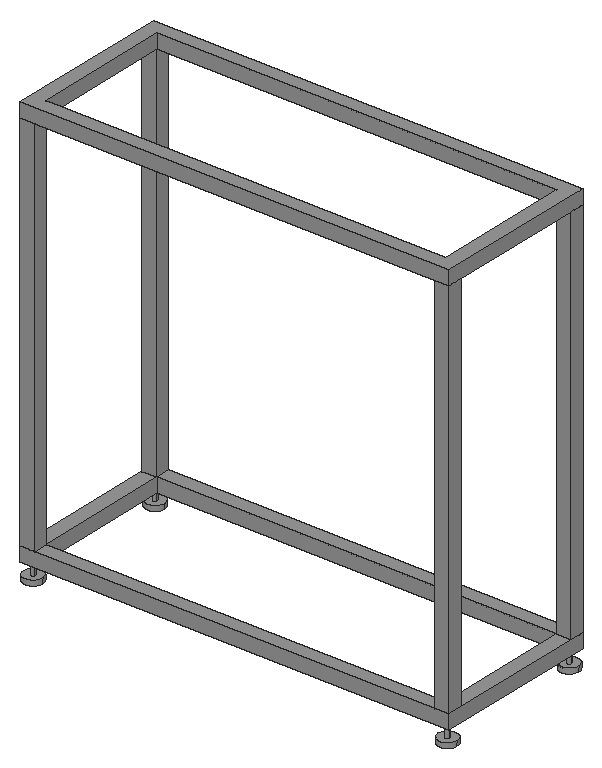
Revit family "Skid", category Generic Models, Revit 2024
Family settings
  Can host rebar = No
  Round Connector Dimension = Use Diameter
  Part Type = Normal
  Work Plane-Based = No
  Always vertical = Yes
  Cut with Voids When Loaded = No
  Maintain Annotation Orientation = No
  Shared = No
  Room Calculation Point = No
Parameters (values of type "1800 x 700 x 1800ht")
  largeur profilé = 60 mm
  hauteur skid = 1800 mm
  hauteur profilé = 60 mm
  hauteur pied = 70 mm
  longueur skid = 1800 mm
  largeur skid = 700 mm
  hauteur palais = 20 mm
  URL = "blog.cad4cvc.ch"
  Default Elevation = 0 mm
Types (4, lengths in mm): name | hauteur skid | hauteur profilé | longueur skid | largeur skid | URL
  (no name) | 1800 | 60 | 1800 | 700 | "blog.cad4cvc.ch"
  2000 x 1000 x 1500ht | 1500 | 60 | 2000 | 1000 | 0
  1800 x 700 x 1800ht | 1800 | 60 | 1800 | 700 | "blog.cad4cvc.ch"
  2000 x 2000 x 2000ht | 2000 | 100 | 2000 | 2000 | 0
Reference planes
  plane 1 "Centre (avant/arrière)": y = 0
  plane 2: z = 0
  plane 3 "Centre (gauche/droite)": x = 0
  plane 4: y = 350
  plane 5: y = -350
  plane 6: x = -900
  plane 7: x = 900
  plane 8: z = 1800
  plane 9: z = 70
  plane 10: z = 1740
  plane 11: z = 130
  plane 12: y = 290
  plane 13: y = -290
  plane 14: x = -840
  plane 15: x = 840
  plane 16: z = 20
  plane 17: x = -870
  plane 18: y = -320
  plane 19: x = -870
  plane 20: y = 320
  plane 21: x = 870
  plane 22: y = 320
  plane 23: x = 870
  plane 24: y = -320
  plane 25: x = -840
  plane 26: x = 840
Forms (mm)
  Extrusion 1, solid, material "Stainless Steel AISI 304"
    sketch origin (0, 0, 0) x (1, 0, 0) y (0, 1, 0)
      loop
        line (-900, 350) -> (-900, -350) -> (900, -350) -> (900, 350) -> (-900, 350)
      loop
        line (-840, 290) -> (-840, -290) -> (840, -290) -> (840, 290) -> (-840, 290)
    from 70 to 130
  Extrusion 2, solid, material "Stainless Steel AISI 304"
    sketch origin (0, 0, 0) x (1, 0, 0) y (0, 1, 0)
      loop
        line (-900, 350) -> (-900, -350) -> (900, -350) -> (900, 350) -> (-900, 350)
      loop
        line (-840, 290) -> (-840, -290) -> (840, -290) -> (840, 290) -> (-840, 290)
    from 1740 to 1800
  Extrusion 3, solid, material "Stainless Steel AISI 304"
    sketch origin (0, 0, 0) x (1, 0, 0) y (0, 1, 0)
      loop
        line (-900, 350) -> (-900, 290) -> (-840, 290) -> (-840, 350) -> (-900, 350)
      loop
        line (840, 350) -> (840, 290) -> (900, 290) -> (900, 350) -> (840, 350)
      loop
        line (840, -290) -> (840, -350) -> (900, -350) -> (900, -290) -> (840, -290)
      loop
        line (-900, -350) -> (-840, -350) -> (-840, -290) -> (-900, -290) -> (-900, -350)
    from 130 to 1740
  Extrusion 4, solid, material "Stainless Steel AISI 304"
    sketch origin (0, 0, 0) x (1, 0, 0) y (0, 1, 0)
      loop
        circle (-870, -320) r 40
    from 0 to 20
  Extrusion 5, solid, material "Stainless Steel AISI 304"
    sketch origin (0, 0, 0) x (1, 0, 0) y (0, 1, 0)
      loop
        circle (-870, -320) r 7.954
    from 20 to 70
  Extrusion 6, solid, material "Stainless Steel AISI 304"
    sketch origin (0, 940, 0) x (1, 0, 0) y (0, 1, 0)
      loop
        circle (-870, -620) r 40
    from 0 to 20
  Extrusion 7, solid, material "Stainless Steel AISI 304"
    sketch origin (0, 940, 0) x (1, 0, 0) y (0, 1, 0)
      loop
        circle (-870, -620) r 7.954
    from 20 to 70
  Extrusion 8, solid, material "Stainless Steel AISI 304"
    sketch origin (1940, 940, 0) x (1, 0, 0) y (0, 1, 0)
      loop
        circle (-1070, -620) r 40
    from 0 to 20
  Extrusion 9, solid, material "Stainless Steel AISI 304"
    sketch origin (1940, 940, 0) x (1, 0, 0) y (0, 1, 0)
      loop
        circle (-1070, -620) r 7.954
    from 20 to 70
  Extrusion 10, solid, material "Stainless Steel AISI 304"
    sketch origin (1940, 0, 0) x (1, 0, 0) y (0, 1, 0)
      loop
        circle (-1070, -320) r 40
    from 0 to 20
  Extrusion 11, solid, material "Stainless Steel AISI 304"
    sketch origin (1940, 0, 0) x (1, 0, 0) y (0, 1, 0)
      loop
        circle (-1070, -320) r 7.954
    from 20 to 70
Dimensions and locks
  equal spacing: plane 4, plane 1 "Centre (avant/arrière)", plane 5
  "largeur skid": plane 4 to plane 5
  equal spacing: plane 6, plane 3 "Centre (gauche/droite)", plane 7
  "longueur skid": plane 6 to plane 7
  "hauteur skid": plane 8 to plane 2
  "hauteur pied": plane 9 to plane 2
  "hauteur profilé": plane 8 to plane 10
  "hauteur profilé": plane 11 to plane 9
  "largeur profilé": plane 4 to plane 12
  "largeur profilé": plane 13 to plane 5
  "largeur profilé": plane 6 to plane 14
  "largeur profilé": plane 15 to plane 7
  "hauteur palais": plane 16 to plane 2
  equal spacing: plane 13, plane 18, plane 5
  equal spacing: plane 6, plane 17, plane 14
  equal spacing: plane 4, plane 20, plane 12
  equal spacing: plane 6, plane 19, plane 14
  equal spacing: plane 15, plane 21, plane 7
  equal spacing: plane 4, plane 22, plane 12
  equal spacing: plane 15, plane 23, plane 7
  equal spacing: plane 13, plane 24, plane 5
  "hauteur profilé": plane 6 to plane 25
  "hauteur profilé": plane 26 to plane 7
  aligned and locked: level to plane 2
  aligned and locked: Extrusion 1 sketch curve to plane 4
  aligned and locked: plane 6 to Extrusion 1 sketch curve
  aligned and locked: plane 5 to Extrusion 1 sketch curve
  aligned and locked: Extrusion 1 sketch curve to plane 7
  aligned and locked: Extrusion 1 sketch curve to plane 12
  aligned and locked: plane 14 to Extrusion 1 sketch curve
  aligned and locked: plane 13 to Extrusion 1 sketch curve
  aligned and locked: Extrusion 1 sketch curve to plane 15
  aligned and locked: Extrusion 1 to plane 9
  aligned and locked: Extrusion 1 to plane 11
  aligned and locked: Extrusion 2 sketch curve to Extrusion 1  (x8)
  aligned and locked: plane 8 to Extrusion 2
  aligned and locked: Extrusion 2 to plane 10
  aligned and locked: Extrusion 3 sketch curve to Extrusion 1  (x7)
  aligned and locked: Extrusion 3 sketch curve to plane 4
  aligned and locked: plane 12 to Extrusion 3 sketch curve
  aligned and locked: Extrusion 3 sketch curve to plane 7
  aligned and locked: Extrusion 1 to Extrusion 3 sketch curve  (x2)
  aligned and locked: plane 10 to Extrusion 3
  aligned and locked: plane 11 to Extrusion 3
  aligned and locked: Extrusion 4 to level
  aligned and locked: plane 16 to Extrusion 4
  aligned and locked: Extrusion 5 to plane 16
  aligned and locked: plane 9 to Extrusion 5
  aligned and locked: plane 9 to Extrusion 11
  aligned and locked: plane 9 to Extrusion 9
  aligned and locked: plane 9 to Extrusion 7
  aligned and locked: Extrusion 3 sketch curve to plane 25
  aligned and locked: plane 26 to Extrusion 3 sketch curve  (x2)
  aligned and locked: plane 25 to Extrusion 3 sketch curve
Automatic sketch dimensions
  Extrusion 4 sketch curve to plane 17 = 0 mm
  Extrusion 4 sketch curve to plane 18 = 0 mm
  Extrusion 5 sketch curve to plane 17 = 0 mm
  Extrusion 5 sketch curve to plane 18 = 0 mm
  Extrusion 6 sketch curve to plane 17 = 0 mm
  Extrusion 6 sketch curve to plane 20 = 0 mm
  Extrusion 7 sketch curve to plane 17 = 0 mm
  Extrusion 7 sketch curve to plane 20 = 0 mm
  plane 20 to Extrusion 8 sketch curve = 0 mm
  Extrusion 8 sketch curve to plane 21 = 0 mm
  plane 20 to Extrusion 9 sketch curve = 0 mm
  Extrusion 9 sketch curve to plane 21 = 0 mm
  plane 18 to Extrusion 10 sketch curve = 0 mm
  Extrusion 10 sketch curve to plane 21 = 0 mm
  plane 18 to Extrusion 11 sketch curve = 0 mm
  Extrusion 11 sketch curve to plane 21 = 0 mm
  radius of Extrusion 4 sketch curve = 40 mm
  radius of Extrusion 5 sketch curve = 7.954 mm
  radius of Extrusion 6 sketch curve = 40 mm
  radius of Extrusion 7 sketch curve = 7.954 mm
  radius of Extrusion 8 sketch curve = 40 mm
  radius of Extrusion 9 sketch curve = 7.954 mm
  radius of Extrusion 10 sketch curve = 40 mm
  radius of Extrusion 11 sketch curve = 7.954 mm
